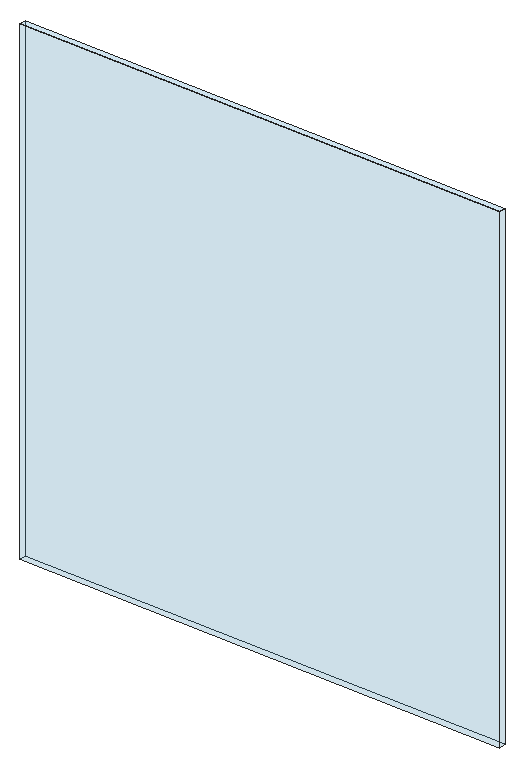
Revit family
Parameters (values of type "72" x 72"")
  Sealant = 0' - 0 3/8"
  SSO [instance] = yes
  SSI [instance] = yes
  SBO [instance] = yes
  SBI [instance] = yes
  Pocket Depth [instance] = 0' - 0 1/2"
  Head Height = Sill Height + Rough Height - Sealant  # 8' - 11 5/8"
  Depth [instance] = 0' - 4 1/2"
  Sill Height = 3' - 0"
  Rough Width = 6' - 0"
  Rough Height = 6' - 0"
  Model = "AG451"
  Material = ""
  Manufacturer = "Arcadia"
  Sightline = 0' - 2 3/8"
  Height = Rough Height - Sealant - Sealant  # 5' - 11 1/4"
  Wall Closure = (empty or 0)
  Width = Rough Width - Sealant - Sealant  # 5' - 11 1/4"
  Glass Thickness [instance] = 0' - 1"
  Offset to Inside Face of Glass [instance] = 0' - 1 3/4"
  Construction Type = "Aluminum"
  Center of Rough Opening [instance] = Rough Width / 2  # 3' - 0"
  Center of Glass [instance] = Glass Thickness / 2  # 0' - 0 1/2"
  Center Wall to Outside Face [instance] = 0' - 2 7/8"
  CSO [instance] = yes
  CSI [instance] = yes
  Assembly Code = ""
Reference planes (in)
  plane 1 "Center (Front/Back)": y = 0
  plane 2: z = 0
  plane 3 "Center (Left/Right)": x = 12
  plane 4 "Rough Opening Bottom": z = 36
  plane 5 "Rough Opening Top": z = 108
  plane 6 "Exterior Face": y = 3.25
  plane 7 "Frame Top": z = 105.625
  plane 8 "Frame Bottom": z = 38.375
  plane 9 "Rough Opening Left": x = -24
  plane 10 "Rough Opening Right": x = 48
  plane 11 "Frame Left": x = -21.625
  plane 12 "Frame Right": x = 45.625
  plane 13 "Exterior Glass Edge": y = 0.29894
  plane 14 "Interior Glass Edge": y = -0.70106
  plane 15 "Glass Centerline": y = -0.20106
  plane 16 "Frame Outside": y = 2.04894
  plane 17 "Frame Inside": y = -2.45106
  plane 18: z = 106.125
  plane 19: z = 37.875
  plane 20: x = 46.125
  plane 21: x = -22.125
  plane 22: z = 107.625
  plane 23: z = 36.375
  plane 24: x = -23.625
  plane 25: x = 47.625
Forms (in)
  Extrusion 1, solid, material "Anodize Arcadia AC2 Clear #11", detail levels coarse
    sketch origin (0, 0, 36) x (0, -1, 0) y (1, 0, 0)
      loop
        line (-2.04894, -24) -> (2.45106, -24) -> (2.45106, -21.625) -> (0.70106, -21.625) -> (0.70106, -22.125) -> (-0.29894, -22.125) -> (-0.29894, -21.625) -> (-2.04894, -21.625) -> (-2.04894, -24)
    from 0 to 72 <- "Rough Height"
  Extrusion 2, solid, material "Anodize Arcadia AC2 Clear #11", detail levels coarse
    sketch origin (0, 0, 36) x (0, -1, 0) y (1, 0, 0)
      loop
        line (-2.04894, 45.625) -> (-0.29894, 45.625) -> (-0.29894, 46.125) -> (0.70106, 46.125) -> (0.70106, 45.625) -> (2.45106, 45.625) -> (2.45106, 48) -> (-2.04894, 48) -> (-2.04894, 45.625)
    from 0 to 72 <- "Rough Height"
  Extrusion 3, solid, material "Glass"
    sketch origin (-0.5, 0, 36) x (0, -1, 0) y (1, 0, 0)
      loop
        line (-0.29894, -21.625) -> (0.70106, -21.625) -> (0.70106, 46.625) -> (-0.29894, 46.625) -> (-0.29894, -21.625)
    from 1.875 to 70.125
  Extrusion 4, solid, material "Anodize Arcadia AC2 Clear #11", detail levels coarse
    sketch origin (-24, 0, 0) x (0, 1, 0) y (0, 0, 1)
      loop
        line (-2.45106, 108) -> (-2.45106, 105.625) -> (-0.70106, 105.625) -> (-0.70106, 106.125) -> (0.29894, 106.125) -> (0.29894, 105.625) -> (2.04894, 105.625) -> (2.04894, 108) -> (-2.45106, 108)
    from 0 to 72 <- "Rough Width"
  Extrusion 5, solid, material "Anodize Arcadia AC2 Clear #11", detail levels coarse
    sketch origin (-24, 0, 0) x (0, 1, 0) y (0, 0, 1)
      loop
        line (2.04894, 38.375) -> (0.29894, 38.375) -> (0.29894, 37.875) -> (-0.70106, 37.875) -> (-0.70106, 38.375) -> (-2.45106, 38.375) -> (-2.45106, 36) -> (2.04894, 36) -> (2.04894, 38.375)
    from 0 to 72 <- "Rough Width"
  Extrusion 6, void
    sketch origin (0, 0, 36) x (0, -1, 0) y (1, 0, 0)
      loop
        line (-3.25, -24) -> (4.75, -24) -> (4.75, 48) -> (-3.25, 48) -> (-3.25, -24)
    from 0 to 72 <- "Rough Height"
Lines and regions (in)
  symbolic lines, detail levels coarse
    curve 1: line (-24, 2.04894, 0) -> (-21.625, 2.04894, 0)
    curve 2: line (-21.625, 2.04894, 0) -> (-21.625, 0.29894, 0)
    curve 3: line (46.125, 0.29894, 0) -> (-22.125, 0.29894, 0)
    curve 4: line (-22.125, 0.29894, 0) -> (-22.125, -0.70106, 0)
    curve 5: line (-22.125, -0.70106, 0) -> (46.125, -0.70106, 0)
    curve 6: line (-21.625, -0.70106, 0) -> (-21.625, -2.45106, 0)
    curve 7: line (-21.625, -2.45106, 0) -> (-24, -2.45106, 0)
    curve 8: line (-24, -2.45106, 0) -> (-24, 2.04894, 0)
    curve 9: line (48, 2.04894, 0) -> (45.625, 2.04894, 0)
    curve 10: line (45.625, 2.04894, 0) -> (45.625, 0.29894, 0)
    curve 11: line (46.125, 0.29894, 0) -> (46.125, -0.70106, 0)
    curve 12: line (45.625, -0.70106, 0) -> (45.625, -2.45106, 0)
    curve 13: line (45.625, -2.45106, 0) -> (48, -2.45106, 0)
    curve 14: line (48, -2.45106, 0) -> (48, 2.04894, 0)
Text (in)
  text "EXTERIOR" at (-58.6888, 50.90694, 0), in view "Ref. Level"
  text "INTERIOR" at (-58.6888, -37.76638, 0), in view "Ref. Level"
  text "Exterior" at (0, 43.65631, 123.19604), in view "Left"
  text "Exterior" at (0, 18.29385, 125.04747), in view "Right"
Dimensions and locks (in)
  "Rough Height": plane 4 "Rough Opening Bottom" to plane 5 "Rough Opening Top"
  "Sill Height": plane 2 to plane 4 "Rough Opening Bottom"
  "Sightline": plane 7 "Frame Top" to plane 5 "Rough Opening Top"
  "Sightline": plane 4 "Rough Opening Bottom" to plane 8 "Frame Bottom"
  "Rough Width": plane 9 "Rough Opening Left" to plane 10 "Rough Opening Right"
  "Sightline": plane 9 "Rough Opening Left" to plane 11 "Frame Left"
  "Sightline": plane 12 "Frame Right" to plane 10 "Rough Opening Right"
  "Depth": plane 17 "Frame Inside" to plane 16 "Frame Outside"
  "Glass Thickness": plane 13 "Exterior Glass Edge" to plane 14 "Interior Glass Edge"
  "Center of Glass": plane 15 "Glass Centerline" to plane 14 "Interior Glass Edge"
  "Center of Rough Opening": plane 9 "Rough Opening Left" to plane 3 "Center (Left/Right)"
  "Offset to Inside Face of Glass": plane 17 "Frame Inside" to plane 14 "Interior Glass Edge"
  "Pocket Depth": plane 12 "Frame Right" to plane 20
  "Pocket Depth": plane 21 to plane 11 "Frame Left"
  "Pocket Depth": plane 7 "Frame Top" to plane 18
  "Pocket Depth": plane 19 to plane 8 "Frame Bottom"
  "Sealant": plane 22 to plane 5 "Rough Opening Top"
  "Sealant": plane 4 "Rough Opening Bottom" to plane 23
  "Sealant": plane 25 to plane 10 "Rough Opening Right"
  "Sealant": plane 9 "Rough Opening Left" to plane 24
  aligned and locked: plane 6 "Exterior Face" to host wall
  aligned and locked: Extrusion 1 sketch curve to plane 17 "Frame Inside"
  aligned and locked: plane 16 "Frame Outside" to Extrusion 1 sketch curve
  aligned and locked: Extrusion 1 sketch curve to plane 11 "Frame Left"
  aligned and locked: plane 9 "Rough Opening Left" to Extrusion 1 sketch curve
  aligned and locked: plane 12 "Frame Right" to Extrusion 2 sketch curve
  aligned and locked: Extrusion 2 sketch curve to plane 10 "Rough Opening Right"
  aligned and locked: Extrusion 2 sketch curve to plane 17 "Frame Inside"
  aligned and locked: plane 16 "Frame Outside" to Extrusion 2 sketch curve
  aligned and locked: Extrusion 3 sketch curve to plane 13 "Exterior Glass Edge"
  aligned and locked: plane 14 "Interior Glass Edge" to Extrusion 3 sketch curve
  aligned and locked: plane 5 "Rough Opening Top" to Extrusion 4 sketch curve
  aligned and locked: Extrusion 4 sketch curve to plane 7 "Frame Top"
  aligned and locked: Extrusion 4 sketch curve to plane 17 "Frame Inside"
  aligned and locked: plane 16 "Frame Outside" to Extrusion 4 sketch curve
  aligned and locked: Extrusion 5 sketch curve to plane 4 "Rough Opening Bottom"
  aligned and locked: plane 8 "Frame Bottom" to Extrusion 5 sketch curve
  aligned and locked: Extrusion 5 sketch curve to plane 17 "Frame Inside"
  aligned and locked: plane 16 "Frame Outside" to Extrusion 5 sketch curve
  aligned and locked: plane 4 "Rough Opening Bottom" to nested 3
  aligned and locked: nested 2 to plane 5 "Rough Opening Top"
  aligned and locked: plane 19 to Extrusion 3
  aligned and locked: Extrusion 3 to plane 18
  aligned and locked: plane 17 "Frame Inside" to nested 3
  aligned and locked: plane 17 "Frame Inside" to nested 2
  aligned and locked: nested 1 to plane 16 "Frame Outside"
  aligned and locked: plane 10 "Rough Opening Right" to nested 1
  aligned and locked: nested 4 to plane 9 "Rough Opening Left"
  aligned and locked: plane 17 "Frame Inside" to nested 4
  aligned and locked: plane 9 "Rough Opening Left" to import instance  (x6)
  aligned and locked: plane 16 "Frame Outside" to import instance  (x8)
  aligned and locked: import instance to plane 16 "Frame Outside"  (x11)
  aligned and locked: import instance to plane 10 "Rough Opening Right"
  aligned and locked: plane 10 "Rough Opening Right" to import instance  (x5)
  aligned and locked: import instance to plane 17 "Frame Inside"
  aligned and locked: import instance to plane 4 "Rough Opening Bottom"  (x6)
  aligned and locked: plane 17 "Frame Inside" to import instance  (x4)
  aligned and locked: plane 5 "Rough Opening Top" to import instance  (x6)
  aligned and locked: plane 13 "Exterior Glass Edge" to Extrusion 5 sketch curve
  aligned and locked: Extrusion 5 sketch curve to plane 14 "Interior Glass Edge"
  aligned and locked: plane 19 to Extrusion 5 sketch curve
  aligned and locked: Extrusion 4 sketch curve to plane 13 "Exterior Glass Edge"
  aligned and locked: plane 18 to Extrusion 4 sketch curve
  aligned and locked: plane 14 "Interior Glass Edge" to Extrusion 4 sketch curve
  aligned and locked: plane 14 "Interior Glass Edge" to Extrusion 2 sketch curve
  aligned and locked: Extrusion 2 sketch curve to plane 20
  aligned and locked: Extrusion 2 sketch curve to plane 13 "Exterior Glass Edge"
  aligned and locked: Extrusion 1 sketch curve to plane 14 "Interior Glass Edge"
  aligned and locked: Extrusion 1 sketch curve to plane 21
  aligned and locked: plane 13 "Exterior Glass Edge" to Extrusion 1 sketch curve
  aligned and locked: plane 16 "Frame Outside" to curve 1
  aligned and locked: plane 9 "Rough Opening Left" to curve 8
  aligned and locked: curve 2 to plane 11 "Frame Left"
  aligned and locked: curve 6 to plane 11 "Frame Left"
  aligned and locked: curve 4 to plane 21
  aligned and locked: curve 7 to plane 17 "Frame Inside"
  aligned and locked: curve 5 to plane 14 "Interior Glass Edge"
  aligned and locked: plane 13 "Exterior Glass Edge" to curve 3
  aligned and locked: curve 10 to plane 12 "Frame Right"
  aligned and locked: curve 12 to plane 12 "Frame Right"
  aligned and locked: curve 11 to plane 20
  aligned and locked: plane 10 "Rough Opening Right" to curve 14
  aligned and locked: curve 9 to plane 16 "Frame Outside"
  aligned and locked: plane 17 "Frame Inside" to curve 13
  aligned and locked: level to plane 2
Automatic sketch dimensions
  Extrusion 3 sketch curve to plane 21 = 0' - 0"
  Extrusion 3 sketch curve to plane 20 = 0' - 0"
  Extrusion 5 sketch curve to plane 8 "Frame Bottom" = 0' - 0"
  Extrusion 4 sketch curve to plane 7 "Frame Top" = 0' - 0"
  Extrusion 2 sketch curve to plane 12 "Frame Right" = 0' - 0"
  Extrusion 1 sketch curve to plane 11 "Frame Left" = 0' - 0"
  Extrusion 6 sketch curve to host wall = 0' - 0"  (x2)
  Extrusion 6 sketch curve to plane 9 "Rough Opening Left" = 0' - 0"
  Extrusion 6 sketch curve to plane 10 "Rough Opening Right" = 0' - 0"
Nested families (in)
  nested 1: "Window-Arcadia-AG451-Med-Jamb-R" at (46.9375, -0.20106, 0) x (-1, 0, 0) z (0, 0, 1), type "Window-Arcadia-AG451-Med-Jamb-R", detail levels medium
    with Sightline 0' - 2 3/8", Pocket Depth 0' - 0 1/2", Offset to Inside Face of Glass 0' - 1 3/4", Glass Width 0' - 1", Frame Wall Thickness 0' - 0 3/32", Depth 0' - 4 1/2", Center of Glass 0' - 0 1/2"
  nested 2: "Window-Arcadia-AG451-Med-Head" at (33.875, -0.20106, 108) x (0, -1, 0) z (1, 0, 0), type "Window-Arcadia-AG451-Med-Head", detail levels medium
    with Sightline 0' - 2 3/8", Pocket Depth 0' - 0 1/2", Offset to Inside Face of Glass 0' - 1 3/4", Glass Width 0' - 1", Frame Wall Thickness 0' - 0 3/32", Depth 0' - 4 1/2", Center of Glass 0' - 0 1/2"
  nested 3: "Window-Arcadia-AG451-Med-Sill" at (33.875, -0.20106, 36) x (0, -1, 0) z (1, 0, 0), type "Window-Arcadia-AG451-Med-Sill", detail levels medium
    with Sightline 0' - 2 3/8", Pocket Depth 0' - 0 1/2", Offset to Inside Face of Glass 0' - 1 3/4", Glass Width 0' - 1", Frame Wall Thickness 0' - 0 3/32", Depth 0' - 4 1/2", Center of Glass 0' - 0 1/2"
  nested 4: "Window-Arcadia-AG451-Med-Jamb-L" at (-22.9375, -0.20106, 0) x (-1, 0, 0) z (0, 0, 1), type "Window-Arcadia-AG451-Med-Jamb-L", detail levels medium
    with Sightline 0' - 2 3/8", Pocket Depth 0' - 0 1/2", Offset to Inside Face of Glass 0' - 1 3/4", Glass Width 0' - 1", Frame Wall Thickness 0' - 0 3/32", Depth 0' - 4 1/2", Center of Glass 0' - 0 1/2"
Definition of nested family "Window-Arcadia-AG451-Med-Jamb-R"
  Parameters (values of type "Window-Arcadia-TC670-Med-Jamb-R")
    Depth [instance] = 0' - 6"
    Pocket Depth [instance] = 0' - 0 3/4"
    Offset to Inside Face of Glass [instance] = 0' - 4"
    Glass Width [instance] = 0' - 1"
    Sightline [instance] = 0' - 2 5/8"
    Center of Glass [instance] = Glass Width / 2  # 0' - 0 1/2"
    Frame Wall Thickness [instance] = 0' - 0 3/32"
    Assembly Code = ""
  Reference planes (in)
    plane 1 "Center (Front/Back)": y = 0
    plane 2: z = 0
    plane 3: x = 1.5625
    plane 4 "back": x = -1.0625
    plane 5: y = 4.5
    plane 6: y = -1.5
    plane 7 "Inside Face of Glass": y = 0.5
    plane 8: y = -0.5
    plane 9: x = 0.8125
  Lines and regions (in)
    detail lines, in view "Ref. Level", detail levels medium
      curve 1: line (-1.0625, 4.5, 0) -> (-1.0625, -1.5, 0)
      curve 2: line (-1.0625, -1.5, 0) -> (1.5625, -1.5, 0)
      curve 3: line (1.5625, -1.5, 0) -> (1.5625, -0.5, 0)
      curve 4: line (1.5625, -0.5, 0) -> (0.8125, -0.5, 0)
      curve 5: line (0.8125, -0.5, 0) -> (0.8125, 0.5, 0)
      curve 6: line (0.8125, 0.5, 0) -> (1.5625, 0.5, 0)
      curve 7: line (1.5625, 0.5, 0) -> (1.5625, 4.5, 0)
      curve 8: line (1.5625, 4.5, 0) -> (-1.0625, 4.5, 0)
      curve 9: line (1.46875, 4.40625, 0) -> (-0.96875, 4.40625, 0)
      curve 10: line (-0.96875, 4.40625, 0) -> (-0.96875, -1.40625, 0)
      curve 11: line (-0.96875, -1.40625, 0) -> (1.46875, -1.40625, 0)
      curve 12: line (1.46875, -1.40625, 0) -> (1.46875, -0.59375, 0)
      curve 13: line (1.46875, -0.59375, 0) -> (0.71875, -0.59375, 0)
      curve 14: line (0.71875, -0.59375, 0) -> (0.71875, 0.59375, 0)
      curve 15: line (0.71875, 0.59375, 0) -> (1.46875, 0.59375, 0)
      curve 16: line (1.46875, 0.59375, 0) -> (1.46875, 4.40625, 0)
      curve 17: line (1.5625, 4.5, 0) -> (-1.0625, 4.5, 0)
      curve 18: line (-1.0625, 4.40625, 0) -> (-1.0625, -1.5, 0)
  Dimensions and locks (in)
    "Sightline": plane 4 "back" to plane 3
    "Depth": plane 5 to plane 6
    "Center of Glass": plane 1 "Center (Front/Back)" to plane 7 "Inside Face of Glass"
    "Glass Width": plane 8 to plane 7 "Inside Face of Glass"
    "Pocket Depth": plane 9 to plane 3
    "Offset to Inside Face of Glass": plane 5 to plane 7 "Inside Face of Glass"
    "Frame Wall Thickness": plane 5 to curve 9
    "Frame Wall Thickness": plane 4 "back" to curve 10
    "Frame Wall Thickness": curve 11 to plane 6
    "Frame Wall Thickness": curve 12 to plane 3
    "Frame Wall Thickness": curve 13 to plane 8
    "Frame Wall Thickness": plane 7 "Inside Face of Glass" to curve 15
    "Frame Wall Thickness": curve 14 to plane 9
    "Frame Wall Thickness": curve 16 to plane 3
    aligned and locked: plane 5 to curve 8
    aligned and locked: curve 1 to plane 4 "back"
    aligned and locked: curve 2 to plane 6
    aligned and locked: plane 3 to curve 3
    aligned and locked: curve 4 to plane 8
    aligned and locked: plane 9 to curve 5
    aligned and locked: plane 7 "Inside Face of Glass" to curve 6
    aligned and locked: plane 3 to curve 7
  Automatic sketch dimensions
    curve 18 to curve 9 = 0' - 0"
Definition of nested family "Window-Arcadia-AG451-Med-Head"
  Parameters (values of type "Window-Arcadia-A400-Med-Head")
    Depth [instance] = 0' - 6"
    Pocket Depth [instance] = 0' - 0 1/2"
    Offset to Inside Face of Glass [instance] = 0' - 4"
    Glass Width [instance] = 0' - 1"
    Sightline [instance] = 0' - 2 5/8"
    Center of Glass [instance] = Glass Width / 2  # 0' - 0 1/2"
    Frame Wall Thickness [instance] = 0' - 0 3/32"
    Assembly Code = ""
  Reference planes (in)
    plane 1 "Center (Front/Back)": y = 0
    plane 2: z = 0
    plane 3 "Center (Left/Right)": x = 0
    plane 4: x = -0.5
    plane 5 "Inside Face of Glass": x = 0.5
    plane 6: y = -2.625
    plane 7: x = 4.5
    plane 8: x = -1.5
    plane 9: y = -2.125
  Lines and regions (in)
    detail lines, in view "Ref. Level", detail levels medium
      curve 1: line (-1.5, 0, 0) -> (-1.5, -2.625, 0)
      curve 2: line (-1.5, -2.625, 0) -> (-0.5, -2.625, 0)
      curve 3: line (-0.5, -2.625, 0) -> (-0.5, -2.125, 0)
      curve 4: line (-0.5, -2.125, 0) -> (0.5, -2.125, 0)
      curve 5: line (0.5, -2.125, 0) -> (0.5, -2.625, 0)
      curve 6: line (0.5, -2.625, 0) -> (4.5, -2.625, 0)
      curve 7: line (4.5, -2.625, 0) -> (4.5, 0, 0)
      curve 8: line (4.5, 0, 0) -> (-1.5, 0, 0)
      curve 9: line (-1.40625, -0.09375, 0) -> (-1.40625, -2.53125, 0)
      curve 10: line (4.40625, -0.09375, 0) -> (-1.40625, -0.09375, 0)
      curve 11: line (4.40625, -2.53125, 0) -> (4.40625, -0.09375, 0)
      curve 12: line (0.59375, -2.53125, 0) -> (4.40625, -2.53125, 0)
      curve 13: line (-1.40625, -2.53125, 0) -> (-0.59375, -2.53125, 0)
      curve 14: line (-0.59375, -2.53125, 0) -> (-0.59375, -2.03125, 0)
      curve 15: line (-0.59375, -2.03125, 0) -> (0.59375, -2.03125, 0)
      curve 16: line (0.59375, -2.03125, 0) -> (0.59375, -2.53125, 0)
  Dimensions and locks (in)
    "Sightline": plane 6 to plane 1 "Center (Front/Back)"
    "Depth": plane 8 to plane 7
    "Pocket Depth": plane 6 to plane 9
    "Offset to Inside Face of Glass": plane 5 "Inside Face of Glass" to plane 7
    "Glass Width": plane 4 to plane 5 "Inside Face of Glass"
    "Center of Glass": plane 3 "Center (Left/Right)" to plane 5 "Inside Face of Glass"
    "Frame Wall Thickness": plane 8 to curve 9
    "Frame Wall Thickness": curve 10 to plane 1 "Center (Front/Back)"
    "Frame Wall Thickness": curve 11 to plane 7
    "Frame Wall Thickness": plane 6 to curve 12
    "Frame Wall Thickness": plane 6 to curve 13
    "Frame Wall Thickness": plane 9 to curve 15
    "Frame Wall Thickness": plane 5 "Inside Face of Glass" to curve 16
    "Frame Wall Thickness": curve 14 to plane 4
    aligned and locked: curve 8 to plane 1 "Center (Front/Back)"
    aligned and locked: plane 7 to curve 7
    aligned and locked: curve 1 to plane 8
    aligned and locked: plane 9 to curve 4
    aligned and locked: plane 4 to curve 3
    aligned and locked: plane 6 to curve 2
    aligned and locked: plane 6 to curve 6
  Automatic sketch dimensions
    curve 5 to plane 5 "Inside Face of Glass" = 0' - 0"
Definition of nested family "Window-Arcadia-AG451-Med-Sill"
  Parameters (values of type "Window-Arcadia-A400-Med-Sill")
    Depth [instance] = 0' - 6"
    Pocket Depth [instance] = 0' - 0 1/2"
    Offset to Inside Face of Glass [instance] = 0' - 4"
    Glass Width [instance] = 0' - 1"
    Sightline [instance] = 0' - 2 5/8"
    Center of Glass [instance] = Glass Width / 2  # 0' - 0 1/2"
    Frame Wall Thickness [instance] = 0' - 0 3/32"
    Assembly Code = ""
  Reference planes (in)
    plane 1 "Center (Front/Back)": y = 0
    plane 2: z = 0
    plane 3 "Center (Left/Right)": x = 0
    plane 4: x = -0.5
    plane 5 "Inside Face of Glass": x = 0.5
    plane 6: y = 2.625
    plane 7: x = 4.5
    plane 8: x = -1.5
    plane 9: y = 2.125
  Lines and regions (in)
    detail lines, in view "Ref. Level", detail levels medium
      curve 1: line (-1.5, 2.625, 0) -> (-1.5, 0, 0)
      curve 2: line (-1.5, 0, 0) -> (4.5, 0, 0)
      curve 3: line (4.5, 0, 0) -> (4.5, 2.625, 0)
      curve 4: line (4.5, 2.625, 0) -> (0.5, 2.625, 0)
      curve 5: line (0.5, 2.625, 0) -> (0.5, 2.125, 0)
      curve 6: line (0.5, 2.125, 0) -> (-0.5, 2.125, 0)
      curve 7: line (-0.5, 2.125, 0) -> (-0.5, 2.625, 0)
      curve 8: line (-0.5, 2.625, 0) -> (-1.5, 2.625, 0)
      curve 9: line (-0.59375, 2.53125, 0) -> (-1.40625, 2.53125, 0)
      curve 10: line (-1.40625, 2.53125, 0) -> (-1.40625, 0.09375, 0)
      curve 11: line (-1.40625, 0.09375, 0) -> (4.40625, 0.09375, 0)
      curve 12: line (4.40625, 0.09375, 0) -> (4.40625, 2.53125, 0)
      curve 13: line (4.40625, 2.53125, 0) -> (0.59375, 2.53125, 0)
      curve 14: line (0.59375, 2.53125, 0) -> (0.59375, 2.03125, 0)
      curve 15: line (0.59375, 2.03125, 0) -> (-0.59375, 2.03125, 0)
      curve 16: line (-0.59375, 2.03125, 0) -> (-0.59375, 2.53125, 0)
  Dimensions and locks (in)
    "Pocket Depth": plane 9 to plane 6
    "Sightline": plane 1 "Center (Front/Back)" to plane 6
    "Depth": plane 8 to plane 7
    "Offset to Inside Face of Glass": plane 5 "Inside Face of Glass" to plane 7
    "Glass Width": plane 4 to plane 5 "Inside Face of Glass"
    "Center of Glass": plane 3 "Center (Left/Right)" to plane 5 "Inside Face of Glass"
    "Frame Wall Thickness": curve 9 to plane 6
    "Frame Wall Thickness": plane 8 to curve 10
    "Frame Wall Thickness": plane 1 "Center (Front/Back)" to curve 11
    "Frame Wall Thickness": curve 12 to plane 7
    "Frame Wall Thickness": curve 13 to plane 6
    "Frame Wall Thickness": plane 5 "Inside Face of Glass" to curve 14
    "Frame Wall Thickness": curve 15 to plane 9
    "Frame Wall Thickness": curve 16 to plane 4
    aligned and locked: plane 1 "Center (Front/Back)" to curve 2
    aligned and locked: plane 7 to curve 3
    aligned and locked: curve 1 to plane 8
    aligned and locked: curve 8 to plane 6
    aligned and locked: curve 4 to plane 6
    aligned and locked: curve 6 to plane 9
    aligned and locked: curve 5 to plane 5 "Inside Face of Glass"
    aligned and locked: plane 4 to curve 7
  Automatic sketch dimensions
    curve 7 to plane 9 = 0' - 0"
Definition of nested family "Window-Arcadia-AG451-Med-Jamb-L"
  Parameters (values of type "Window-Arcadia-TC670-Med-Jamb-L")
    Depth [instance] = 0' - 6"
    Pocket Depth [instance] = 0' - 0 1/2"
    Offset to Inside Face of Glass [instance] = 0' - 4"
    Glass Width [instance] = 0' - 1"
    Sightline [instance] = 0' - 2 1/8"
    Center of Glass [instance] = Glass Width / 2  # 0' - 0 1/2"
    Frame Wall Thickness [instance] = 0' - 0 3/32"
    Assembly Code = ""
  Reference planes (in)
    plane 1 "Center (Front/Back)": y = 0
    plane 2: z = 0
    plane 3 "BACK": x = 1.0625
    plane 4 "FRONT": x = -1.0625
    plane 5: y = 1.5
    plane 6: y = -4.5
    plane 7 "Inside Face of Glass": y = 0.5
    plane 8: y = -0.5
    plane 9: x = -0.5625
  Lines and regions (in)
    detail lines, in view "Ref. Level", detail levels medium
      curve 1: line (1.0625, 1.5, 0) -> (1.0625, -4.5, 0)
      curve 2: line (1.0625, -4.5, 0) -> (-1.0625, -4.5, 0)
      curve 3: line (-1.0625, -4.5, 0) -> (-1.0625, -0.5, 0)
      curve 4: line (-1.0625, -0.5, 0) -> (-0.5625, -0.5, 0)
      curve 5: line (-0.5625, -0.5, 0) -> (-0.5625, 0.5, 0)
      curve 6: line (-0.5625, 0.5, 0) -> (-1.0625, 0.5, 0)
      curve 7: line (-1.0625, 0.5, 0) -> (-1.0625, 1.5, 0)
      curve 8: line (-1.0625, 1.5, 0) -> (1.0625, 1.5, 0)
      curve 9: line (-0.96875, 1.40625, 0) -> (0.96875, 1.40625, 0)
      curve 10: line (-0.96875, 0.59375, 0) -> (-0.96875, 1.40625, 0)
      curve 11: line (-0.46875, 0.59375, 0) -> (-0.96875, 0.59375, 0)
      curve 12: line (-0.46875, -0.59375, 0) -> (-0.46875, 0.59375, 0)
      curve 13: line (-0.96875, -0.59375, 0) -> (-0.46875, -0.59375, 0)
      curve 14: line (-0.96875, -4.40625, 0) -> (-0.96875, -0.59375, 0)
      curve 15: line (0.96875, -4.40625, 0) -> (-0.96875, -4.40625, 0)
      curve 16: line (0.96875, 1.40625, 0) -> (0.96875, -4.40625, 0)
  Dimensions and locks (in)
    "Depth": plane 5 to plane 6
    "Pocket Depth": plane 4 "FRONT" to plane 9
    "Sightline": plane 4 "FRONT" to plane 3 "BACK"
    "Glass Width": plane 8 to plane 7 "Inside Face of Glass"
    "Center of Glass": plane 1 "Center (Front/Back)" to plane 7 "Inside Face of Glass"
    "Frame Wall Thickness": plane 4 "FRONT" to curve 10
    "Frame Wall Thickness": plane 5 to curve 9
    "Frame Wall Thickness": curve 15 to plane 6
    "Frame Wall Thickness": curve 13 to plane 8
    "Frame Wall Thickness": plane 9 to curve 12
    "Frame Wall Thickness": plane 7 "Inside Face of Glass" to curve 11
    "Frame Wall Thickness": plane 4 "FRONT" to curve 14
    "Offset to Inside Face of Glass": plane 6 to plane 8
    aligned and locked: curve 8 to plane 5
    aligned and locked: curve 1 to plane 3 "BACK"
    aligned and locked: plane 6 to curve 2
    aligned and locked: curve 3 to plane 4 "FRONT"
    aligned and locked: plane 8 to curve 4
    aligned and locked: plane 9 to curve 5
    aligned and locked: curve 6 to plane 7 "Inside Face of Glass"
    aligned and locked: plane 4 "FRONT" to curve 7
  Automatic sketch dimensions
    curve 16 to plane 3 "BACK" = 0' - 0 3/32"
